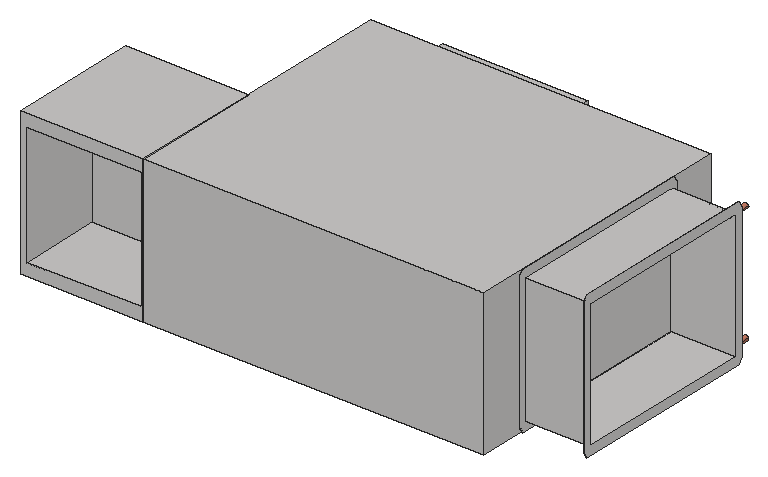
Revit family
Parameters
  Width = 3' - 3"
  Voltage = 120 V
  Unit Weight = if(Number of Rows = 1, "272.0 lbs", if(Number of Rows = 2, "277.0 lbs", "0"))  # "272.0 lbs"
  UltraLoc Liner = Choose Liner Option = 3  # no
  URL = "http://www.titus-hvac.com/"
  UL = "181"
  Supply Air Flow [instance] = 0 CFM
  SteriLoc Liner = Choose Liner Option = 2  # no
  Secondary Material = Copper Connectors
  Primary Air Pressure Drop [instance] = 0.00 in-wg
  Primary Air Flow [instance] = 0 CFM
  Pressure [instance] = 0.00 psi
  Plenum Air Pressure Drop [instance] = 0.00 in-wg
  Plenum Air Flow [instance] = 0 CFM
  Outlet Width = 2' - 1"
  Outlet Height = 1' - 5 1/2"
  Number of Rows = 1
  Number of Poles = 1
  Nominal Width = Width + 0' 6 1/4"  # 3' - 9 1/4"
  Nominal Length = Length + 1' 4 7/8" + 0' 9"  # 6' - 0 5/8"
  Nominal Inlet Size = 0' - 10"
  Nominal Height = 1' - 8"
  NFPA = "90A"
  Motor Full Load Amps [instance] = 8.5 A
  Model = "DTFS-F"
  Min. Air Flow = 0 CFM
  Max. Air Flow = 1400 CFM
  Material = Galvanized Steel
  Manufacturer = "Titus"
  Length = 3' - 10 3/4"
  Juction Box Offset = 0' - 4 7/8"
  Inlet Diameter = Nominal Inlet Size - 0' 0 1/8"  # 0' - 9 7/8"
  Induced Air Inlet Width = 1' - 4 7/8"
  Induced Air Inlet Offset = (Nominal Height - Induced Air Inlet Connection Height) / 2  # 0' - 1 11/16"
  Induced Air Inlet Height = 1' - 6 1/8"
  Induced Air Inlet Connection Width = 1' - 3 3/4"
  Induced Air Inlet Connection Height = 1' - 4 5/8"
  Induced Air Filter = no
  Heating Total Capacity [instance] = 0 Btu/h
  Heating Entering Water Temp = 0 °F
  Half Outlet Width = 1' - 0 1/2"
  Half Outlet Connection Width = Outlet Width / 2  # 1' - 0 1/2"
  Half Outlet Connection Height = Outlet Height / 2  # 0' - 8 3/4"
  Half Height Start = -(Nominal Height / 2)  # -0' - 10"
  Half Height End = Nominal Height / 2  # 0' - 10"
  HWC Option = HWC Section : D-E - 1 Row
  HWC Connector Radius = 5/16"
  HWC Connector Length = 0' - 3"
  HP-Motor = "1/3"
  Gallons Per Minute [instance] = 0 GPM
  Frequency = 60 Hz
  Flange Offset = 0' - 1 1/4"
  Filter Size = "18\"x17\""
  Fiber Free Liner = Choose Liner Option = 1  # no
  Fan Disconnect Switch = no
  Duct Radius = Nominal Inlet Size / 2  # 0' - 5"
  Description = "Ultra Quiet Series Fan Powered Terminal Unit, Direct Digital Control, Pressure Independent"
  Connector Vertical Offset = if(Number of Rows = 1, 1' 4 1/4", if(Number of Rows = 2, 1' 4 3/4", 0' 0"))  # 1' - 4 1/4"
  Connector Horizontal Offset = if(Number of Rows = 1, 0' 0", if(Number of Rows = 2, 0' 1", 0' 0"))  # 0' - 0"
  Connection Void Radius = Connection Radius - 0' 0 1/4"  # 0' - 4 11/16"
  Connection Radius = Inlet Diameter / 2  # 0' - 4 15/16"
  Choose Liner Option = 0
  CADworks URL = "www.CADworks.net"
  Assembly Code = "D3040100"
  Apparent Power [instance] = Voltage * Motor Full Load Amps  # 1020 VA
  Air Inlet Offset = 0' - 7"
  1/2" Fiberglass Liner = Choose Liner Option = 0  # yes
  1" Fiberglass Liner = Choose Liner Option = 4  # no
Reference planes (in)
  plane 1 "Center (Front/Back)": y = 0
  plane 2: z = 0
  plane 3 "Center (Left/Right)": x = 3
  plane 4: x = -20.375
  plane 5: x = 26.375
  plane 6: x = -15.5
  plane 7: x = -23.75
  plane 8 "Center (Elevation)": z = 0
  plane 9: y = -19.5
  plane 10: y = 19.5
  plane 11: y = 12.5
  plane 12: y = -8.25
  plane 13: z = 0.6875
  plane 14: z = -6.875
  plane 15: x = 35.375
  plane 16: x = 34.375
  plane 17: x = 34.375
  plane 18: y = 15.5
  plane 19: z = -8.125
  plane 20: z = 8.125
  plane 21: y = -12.5
  plane 22: y = 12.5
  plane 23: y = 25.75
  plane 24: x = -37.25
  plane 25: z = 10
  plane 26: z = -10
Forms (in)
  Extrusion 1, solid, material "Galvanized Steel" <- "Material"
    sketch origin (0, 0, 0) x (1, 0, 0) y (0, 1, 0)
      loop
        line (-20.375, 19.5) -> (-20.375, -19.5) -> (26.375, -19.5) -> (26.375, 19.5) -> (-20.375, 19.5)
    from -10 <- "Half Height Start" to 10 <- "Half Height End"
  Extrusion 2, solid, material "Galvanized Steel" <- "Material"
    sketch origin (0, 0, 0) x (1, 0, 0) y (0, 1, 0)
      loop
        line (-37.25, -1.375) -> (-37.25, -19.5) -> (-20.375, -19.5) -> (-20.375, -1.375) -> (-37.25, -1.375)
    from -10 <- "Half Height Start" to 10 <- "Half Height End"
  Extrusion 3, void, detail levels fine
    sketch origin (0, -19.5, 0) x (1, 0, 0) y (0, 0, -1)
      loop
        line (-20.625, 8.3125) -> (-36.375, 8.3125) -> (-36.375, -8.3125) -> (-20.625, -8.3125) -> (-20.625, 8.3125)
    from 0 to 11.25
  Extrusion 4, solid, material "Galvanized Steel" <- "Material"
    sketch origin (3.125, 0, 0) x (1, 0, 0) y (0, 1, 0)
      loop
        line (-18.625, 19.5) -> (1.375, 19.5) -> (1.375, 25.75) -> (-18.625, 25.75) -> (-18.625, 19.5)
    from -6 to 6
  Extrusion 5, solid, material "Galvanized Steel" <- "Material"
    sketch origin (-24.875, -3, 0) x (0, 0, -1) y (0, 1, 0)
      loop
        circle (0, 15.5) r 4.9375
    from 1.125 to 4.5
  Extrusion 6, void, detail levels fine
    sketch origin (-24.875, 0, 0) x (0, 1, 0) y (0, 0, 1)
      loop
        circle (12.5, 0) r 4.6875
    from 1.125 to 9.375
  Extrusion 7, void, detail levels fine
    sketch origin (35.375, -12.5, 8.75) x (0, 0, 1) y (0, -1, 0)
      loop
        line (-17.5, 0) -> (-17.5, -25) -> (0, -25) -> (0, 0) -> (-17.5, 0)
    from -0.0625 to 0
  Extrusion 8, solid, material "Copper Connectors" <- "Secondary Material", detail levels fine
    sketch origin (0, 0, 0) x (1, 0, 0) y (0, 0, 1)
      loop
        circle (34.375, 8.125) r 0.3125
    from -15.5 to -12.5625
  Extrusion 9, solid, material "Copper Connectors" <- "Secondary Material", detail levels fine
    sketch origin (0, 0, 0) x (1, 0, 0) y (0, 0, 1)
      loop
        circle (34.375, -8.125) r 0.3125
    from -15.5 to -12.5625
Cuts and joins
  Extrusion 3 cuts Extrusion 2
  Extrusion 6 cuts Extrusion 1
  Extrusion 6 cuts Extrusion 5
Dimensions and locks (in)
  "Length": plane 5 to plane 4
  equal spacing: plane 5, plane 3 "Center (Left/Right)", plane 4
  locked: Extrusion 4 to Extrusion 4 at 20
  "Juction Box Offset": plane 6 to plane 4
  locked: plane 4 to plane 7 at 3.375
  "Width": plane 9 to plane 10
  equal spacing: plane 9, plane 1 "Center (Front/Back)", plane 10
  locked: Extrusion 5 sketch curve to level at 0
  locked: Extrusion 5 sketch curve to plane 11 at 0
  locked: Extrusion 6 sketch curve to level at 0
  locked: Extrusion 6 sketch curve to plane 11 at 0
  locked: Extrusion 4 to Extrusion 4 at 6.25
  locked: Extrusion 4 to Extrusion 4 at 12
  equal spacing: Extrusion 4, plane 8 "Center (Elevation)", Extrusion 4
  locked: plane 12 to plane 9 at 11.25
  "Air Inlet Offset": plane 10 to plane 11
  "Induced Air Inlet Height": cut or joined group of Extrusion 2, Extrusion 3 to cut or joined group of Extrusion 2, Extrusion 3
  locked: cut or joined group of Extrusion 5, Extrusion 6 to cut or joined group of Extrusion 5, Extrusion 6 at 3.375
  locked: plane 12 to plane 12 at 0
  "Induced Air Inlet Connection Height": Extrusion 3 sketch curve to Extrusion 3 sketch curve
  "Induced Air Inlet Offset": Extrusion 3 sketch curve to cut or joined group of Extrusion 2, Extrusion 3
  "Induced Air Inlet Connection Width": Extrusion 3 sketch curve to Extrusion 3 sketch curve
  locked: Extrusion 3 sketch curve to cut or joined group of Extrusion 1, Extrusion 6 at 0.25
  "Connector Vertical Offset": plane 20 to plane 19
  equal spacing: plane 20, plane 8 "Center (Elevation)", plane 19
  locked: plane 15 to plane 5 at 9
  locked: plane 15 to plane 16 at 1
  "Connector Horizontal Offset": plane 16 to plane 17
  locked: Extrusion 8 sketch curve to plane 17 at 0
  locked: Extrusion 8 sketch curve to plane 20 at 0
  locked: Extrusion 9 sketch curve to plane 16 at 0
  locked: Extrusion 9 sketch curve to plane 19 at 0
  "HWC Connector Length": plane 18 to plane 22
  locked: cut or joined group of Extrusion 1, Extrusion 6 to Extrusion 7 at 9
  locked: cut or joined group of Extrusion 2, Extrusion 3 to cut or joined group of Extrusion 2, Extrusion 3 at 16.875
  locked: cut or joined group of Extrusion 2, Extrusion 3 to cut or joined group of Extrusion 2, Extrusion 3 at 20
  equal spacing: cut or joined group of Extrusion 2, Extrusion 3, plane 8 "Center (Elevation)", cut or joined group of Extrusion 2, Extrusion 3
  locked: cut or joined group of Extrusion 1, Extrusion 6 to cut or joined group of Extrusion 1, Extrusion 6 at 20
  equal spacing: cut or joined group of Extrusion 1, Extrusion 6, plane 8 "Center (Elevation)", cut or joined group of Extrusion 1, Extrusion 6
  locked: nested 1 to cut or joined group of Extrusion 1, Extrusion 6 at 1.1875
  locked: cut or joined group of Extrusion 1, Extrusion 6 to nested 1 at 1.1875
  "Connection Radius": radius of Extrusion 5 sketch curve
  "Connection Void Radius": radius of Extrusion 6 sketch curve
  "HWC Connector Radius": radius of Extrusion 8 sketch curve
  "HWC Connector Radius": radius of Extrusion 9 sketch curve
  aligned and locked: plane 10 to Extrusion 4
  aligned and locked: plane 6 to Extrusion 4
  aligned and locked: plane 7 to cut or joined group of Extrusion 5, Extrusion 6
  aligned and locked: plane 18 to Extrusion 8
  aligned and locked: plane 18 to Extrusion 9
  aligned and locked: plane 9 to cut or joined group of Extrusion 2, Extrusion 3  (x3)
  aligned and locked: plane 5 to nested 1
  aligned and locked: plane 15 to nested 1
  aligned and locked: plane 18 to nested 1  (x2)
  aligned and locked: plane 21 to nested 1
  aligned and locked: plane 22 to nested 1
  aligned and locked: plane 5 to cut or joined group of Extrusion 1, Extrusion 6
  aligned and locked: cut or joined group of Extrusion 1, Extrusion 6 to nested 1
  aligned and locked: cut or joined group of Extrusion 1, Extrusion 6 to plane 10
  aligned and locked: Extrusion 4 to cut or joined group of Extrusion 1, Extrusion 6  (x2)
  aligned and locked: cut or joined group of Extrusion 1, Extrusion 6 to plane 4
  aligned and locked: plane 9 to cut or joined group of Extrusion 1, Extrusion 6
  aligned and locked: cut or joined group of Extrusion 5, Extrusion 6 to cut or joined group of Extrusion 1, Extrusion 6
  aligned and locked: nested 1 to cut or joined group of Extrusion 1, Extrusion 6
  aligned and locked: plane 6 to Extrusion 6
  aligned and locked: Extrusion 6 to plane 7
  aligned and locked: Extrusion 3 to plane 12
  aligned and locked: plane 25 to cut or joined group of Extrusion 2, Extrusion 3
  aligned and locked: plane 25 to cut or joined group of Extrusion 1, Extrusion 6
  aligned and locked: plane 26 to cut or joined group of Extrusion 2, Extrusion 3
  aligned and locked: plane 26 to cut or joined group of Extrusion 1, Extrusion 6
  aligned and locked: plane 23 to Extrusion 4
  aligned and locked: plane 24 to cut or joined group of Extrusion 2, Extrusion 3
Automatic sketch dimensions
  Extrusion 1 sketch curve to plane 4 = 0' - 0"
  Extrusion 1 sketch curve to plane 5 = 0' - 0"
  Extrusion 1 sketch curve to plane 9 = 0' - 0"
  Extrusion 1 sketch curve to plane 10 = 0' - 0"
  Extrusion 2 sketch curve to plane 4 = 0' - 0"
  Extrusion 2 sketch curve to plane 9 = 0' - 0"
  plane 1 "Center (Front/Back)" to Extrusion 2 sketch curve = 0' - 1 3/8"
  Extrusion 4 sketch curve to plane 6 = 0' - 0"
  Extrusion 4 sketch curve to plane 10 = 0' - 0"
  plane 3 "Center (Left/Right)" to Extrusion 4 sketch curve = 0' - 1 1/2"
  Extrusion 4 sketch curve to plane 10 = 0' - 6 1/4"
  Extrusion 2 sketch curve to plane 7 = 1' - 1 1/2"
  Extrusion 7 sketch curve to nested 1 = 0' - 0"  (x4)
Nested families (in)
  nested 1: "HWC Section" at (30.875, 0, 0) x (0, 1, 0) z (0, 0, 1), type <- "HWC Option", type "D-E - 1 Row"
Connectors (in)
  electrical at (-5.5, 25.75, 0), driven by "Apparent Power", driven by "Voltage", driven by "Number of Poles"
    settings: on Extrusion 4, index 8
  hvac at (-23.75, 12.5, 0), driven by "Duct Radius", driven by "Primary Air Pressure Drop", driven by "Primary Air Flow"
    settings: on cut or joined group of Extrusion 5, Extrusion 6, index 9
  hvac at (-28.5, -19.5, 0), driven by "Induced Air Inlet Connection Height", driven by "Induced Air Inlet Connection Width", driven by "Plenum Air Pressure Drop", driven by "Plenum Air Flow"
    settings: on cut or joined group of Extrusion 2, Extrusion 3, index 11
  hvac at (35.375, 0, 0), driven by "Outlet Height", driven by "Outlet Width", driven by "Supply Air Flow"
    settings: on Extrusion 7, index 12
  piping at (34.375, 15.5, 8.125), driven by "Gallons Per Minute", driven by "Pressure", driven by "HWC Connector Radius"
    settings: on Extrusion 8, index 13
  piping at (34.375, 15.5, -8.125), driven by "Gallons Per Minute", driven by "HWC Connector Radius", driven by "Pressure"
    settings: on Extrusion 9, index 14
Definition of nested family "HWC Section"
  Parameters (values of type "B-C - 1 Row")
    Visibility = yes
    Secondary Material = Copper Connectors
    Number of Rows = 1
    Material = Galvanized Steel
    Half Width = HWC Width / 2  # 0' - 10 1/4"
    Half Length-Start = -(HWC Length / 2)  # -0' - 4 1/2"
    Half Length-End = HWC Length / 2  # 0' - 4 1/2"
    HWC Connection Radius = 5/16"
    Flange Offset = 0' - 1"
    Duct Vertical Offset = HWC Height - 0' 0 1/2"  # 1' - 0"
    Duct Horizontal Offset = HWC Width - 0' 0 1/2"  # 1' - 8"
    Connector Vertical Offset = 0' - 11 3/4"
    HWC Width = 1' - 8 1/2"
    HWC Height = 1' - 0 1/2"
    HWC Length = 0' - 9"  # constant formula
    Gallons Per Minute = 0 GPM
    Connector Length = 0' - 3"
    Connector Horizontal Offset = 0' - 0"
  Types (5): name | Number of Rows | Half Width | Flange Offset | Duct Vertical Offset | Duct Horizontal Offset | Connector Vertical Offset | HWC Width | HWC Height | Connector Horizontal Offset
    (no name) | 1 | 0' - 10 1/4" | 0' - 1" | 1' - 0" | 1' - 8" | 0' - 11 3/4" | 1' - 8 1/2" | 1' - 0 1/2" | 0' - 0"
    B-C - 1 Row | 1 | 0' - 10 1/4" | 0' - 1" | 1' - 0" | 1' - 8" | 0' - 11 3/4" | 1' - 8 1/2" | 1' - 0 1/2" | 0' - 0"
    B-C - 2 Row | 2 | 0' - 10 1/4" | 0' - 1" | 1' - 0" | 1' - 8" | 0' - 11 3/4" | 1' - 8 1/2" | 1' - 0 1/2" | 0' - 1"
    D-E - 1 Row | 1 | 1' - 0 1/2" | 0' - 1 1/4" | 1' - 5" | 2' - 0 1/2" | 1' - 4 1/4" | 2' - 1" | 1' - 5 1/2" | 0' - 0"
    D-E - 2 Row | 2 | 1' - 0 1/2" | 0' - 1 1/4" | 1' - 5" | 2' - 0 1/2" | 1' - 4 3/4" | 2' - 1" | 1' - 5 1/2" | 0' - 1"
  Reference planes (in)
    plane 1 "Center (Front/Back)": y = 0
    plane 2: z = 0
    plane 3 "Center (Left/Right)": x = 0
    plane 4: x = -10.25
    plane 5: x = 10.25
    plane 6: y = 4.5
    plane 7: y = -4.5
    plane 8: z = 6.25
    plane 9: z = -6.25
    plane 10: z = 5.875
    plane 11: z = -5.875
    plane 12: y = 3.5
    plane 13: y = 3.5
    plane 14: x = 13.25
  Forms (in)
    Extrusion 1, solid, material "Galvanized Steel" <- "Material", visible <- "Visibility"
      sketch origin (0, 0, 0) x (1, 0, 0) y (0, 0, 1)
        loop
          line (-10.3125, 6.3125) -> (-10.3125, -6.3125) -> (10.3125, -6.3125) -> (10.3125, 6.3125) -> (-10.3125, 6.3125)
      from -4.375 <- "Half Length-Start" to 4.5 <- "Half Length-End"
    Extrusion 2, void, detail levels fine
      sketch origin (0, 0, 0) x (1, 0, 0) y (0, 0, 1)
        loop
          line (-10.25, -6.25) -> (10.25, -6.25) -> (10.25, 6.25) -> (-10.25, 6.25) -> (-10.25, -6.25)
      from -4.5 <- "Half Length-Start" to 4.5 <- "Half Length-End"
    Extrusion 3, solid, material "Copper Connectors" <- "Secondary Material", visible <- "Visibility"
      sketch origin (6, 2.625, 0) x (0, 1, 0) y (0, 0, 1)
        loop
          circle (0.875, -5.875) r 0.3125
      from 4.3125 to 7.25
    Extrusion 4, solid, material "Galvanized Steel" <- "Material", visible <- "Visibility"
      sketch origin (0, -4.375, 0) x (1, 0, 0) y (0, 0, 1)
        loop
          line (-10.25, 6.25) -> (-10.25, -6.25) -> (10.25, -6.25) -> (10.25, 6.25) -> (-10.25, 6.25)
        loop
          line (-11.25, 6.75) -> (-11.25, -6.75) -> (-10.75, -7.25) -> (10.75, -7.25) -> (11.25, -6.75) -> (11.25, 6.75) -> (10.75, 7.25) -> (-10.75, 7.25) -> (-11.25, 6.75)
      from 0 to 0.125
    Extrusion 5, solid, material "Copper Connectors" <- "Secondary Material", visible <- "Visibility"
      sketch origin (6, -0.5, 0) x (0, 1, 0) y (0, 0, 1)
        loop
          circle (4, 5.875) r 0.3125
      from 4.3125 to 7.25
    Extrusion 6, solid, material "Galvanized Steel" <- "Material", visible <- "Visibility"
      sketch origin (0, 4.375, 0) x (1, 0, 0) y (0, 0, -1)
        loop
          line (-10.25, -6.25) -> (10.25, -6.25) -> (10.25, 6.25) -> (-10.25, 6.25) -> (-10.25, -6.25)
        loop
          line (-11.25, -6.75) -> (-10.75, -7.25) -> (10.75, -7.25) -> (11.25, -6.75) -> (11.25, 6.75) -> (10.75, 7.25) -> (-10.75, 7.25) -> (-11.25, 6.75) -> (-11.25, -6.75)
      from 0 to 0.125
  Cuts and joins
    Extrusion 2 cuts Extrusion 1
    joined: Extrusion 1, Extrusion 4, Extrusion 6
  Dimensions and locks (in)
    "HWC Width": plane 4 to plane 5
    equal spacing: plane 4, plane 3 "Center (Left/Right)", plane 5
    "HWC Height": plane 8 to plane 9
    equal spacing: plane 8, plane 2, plane 9
    equal spacing: plane 10, plane 2, plane 11
    locked: plane 12 to plane 6 at 1
    "Connector Horizontal Offset": plane 13 to plane 12
    locked: plane 7 to Extrusion 4 at 0.125
    locked: Extrusion 6 to plane 6 at 0.125
    locked: plane 4 to Extrusion 1 sketch curve at 0.0625
    locked: Extrusion 4 to Extrusion 1 sketch curve at 0.0625
    locked: Extrusion 1 sketch curve to plane 8 at 0.0625
    locked: plane 9 to Extrusion 1 sketch curve at 0.0625
    "Connector Length": plane 5 to plane 14
    "HWC Length": plane 6 to plane 7
    equal spacing: plane 6, plane 1 "Center (Front/Back)", plane 7
    "Connector Vertical Offset": plane 10 to plane 11
    equal spacing: plane 10, level, plane 11
    "HWC Width": Extrusion 4 sketch curve to Extrusion 4 sketch curve
    equal spacing: Extrusion 4 sketch curve, plane 3 "Center (Left/Right)", Extrusion 4 sketch curve
    "HWC Height": Extrusion 4 sketch curve to Extrusion 4 sketch curve
    equal spacing: Extrusion 4 sketch curve, plane 2, Extrusion 4 sketch curve
    locked: cut or joined group of Extrusion 1, Extrusion 2, Extrusion 4, Extrusion 6 to plane 4 at 1  (x2)
    locked: cut or joined group of Extrusion 1, Extrusion 2, Extrusion 4, Extrusion 6 to plane 5 at 1  (x2)
    "HWC Width": Extrusion 6 sketch curve to Extrusion 6 sketch curve
    "HWC Height": Extrusion 6 sketch curve to Extrusion 6 sketch curve
    equal spacing: Extrusion 6 sketch curve, plane 3 "Center (Left/Right)", Extrusion 6 sketch curve
    equal spacing: Extrusion 6 sketch curve, plane 2, Extrusion 6 sketch curve
    "HWC Height": Extrusion 2 sketch curve to Extrusion 2 sketch curve
    "HWC Width": Extrusion 2 sketch curve to Extrusion 2 sketch curve
    equal spacing: Extrusion 2 sketch curve, plane 3 "Center (Left/Right)", Extrusion 2 sketch curve
    equal spacing: Extrusion 2 sketch curve, plane 2, Extrusion 2 sketch curve
    locked: plane 5 to Extrusion 3 at 0.0625
    locked: plane 5 to Extrusion 5 at 0.0625
    "Flange Offset": cut or joined group of Extrusion 1, Extrusion 2, Extrusion 4, Extrusion 6 to plane 8
    "Flange Offset": plane 9 to cut or joined group of Extrusion 1, Extrusion 2, Extrusion 4, Extrusion 6
    "Flange Offset": plane 8 to cut or joined group of Extrusion 1, Extrusion 2, Extrusion 4, Extrusion 6
    "Flange Offset": cut or joined group of Extrusion 1, Extrusion 2, Extrusion 4, Extrusion 6 to plane 9
    "HWC Connection Radius": radius of Extrusion 3 sketch curve
    "HWC Connection Radius": radius of Extrusion 5 sketch curve
    aligned and locked: plane 7 to Extrusion 4
    aligned and locked: plane 6 to Extrusion 6
    aligned and locked: plane 14 to Extrusion 5
    aligned and locked: plane 14 to Extrusion 3
    aligned and locked: Extrusion 6 to cut or joined group of Extrusion 1, Extrusion 2, Extrusion 4, Extrusion 6
    aligned and locked: Extrusion 4 to Extrusion 4
  Automatic sketch dimensions
    Extrusion 3 sketch curve to plane 11 = 0' - 0"
    Extrusion 3 sketch curve to plane 12 = 0' - 0"
    Extrusion 5 sketch curve to plane 10 = 0' - 0"
    Extrusion 5 sketch curve to plane 13 = 0' - 0"
    plane 4 to Extrusion 6 sketch curve = 0' - 1"
    plane 4 to Extrusion 6 sketch curve = 0' - 0 1/2"  (x2)
    Extrusion 6 sketch curve to plane 5 = 0' - 0 1/2"  (x2)
    Extrusion 6 sketch curve to Extrusion 6 sketch curve = 0' - 0 1/2"  (x3)
    plane 8 to Extrusion 6 sketch curve = 0' - 0 1/2"  (x2)
    Extrusion 6 sketch curve to plane 9 = 0' - 0 1/2"  (x2)
    plane 4 to Extrusion 4 sketch curve = 0' - 0 1/2"  (x2)
    Extrusion 4 sketch curve to Extrusion 4 sketch curve = 0' - 0 1/2"  (x4)
    Extrusion 4 sketch curve to plane 5 = 0' - 0 1/2"  (x2)
    Extrusion 4 sketch curve to plane 9 = 0' - 0 1/2"  (x2)
    plane 8 to Extrusion 4 sketch curve = 0' - 0 1/2"  (x2)
